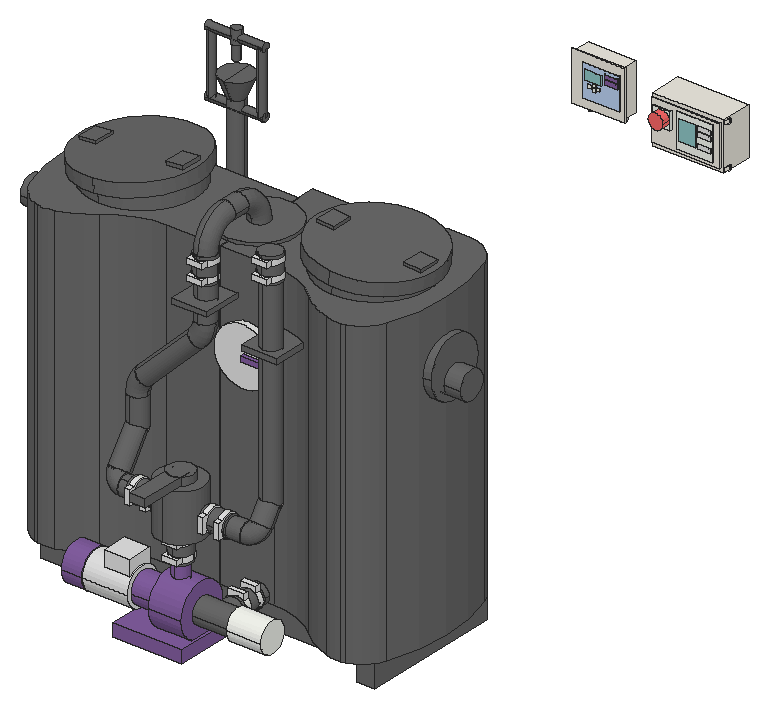
Revit family "93002.02_ms", category Generic Models, Revit 2021 (continued)
Definition of nested family "93002.02_ms_part3_X0Y0"
  Definition of nested family "93002.02_ms_part3_content"
    Forms (mm)
      Revolve 44, solid, detail levels medium+fine
        sketch origin (-305, 275, 1529.6) x (0, 0, 1) y (0, 1, 0)
          loop
            line (0, 0) -> (81, 0) -> (81, 65) -> (0, 31) -> (0, 0)
          axis (81, 0) -> (0, 0)
        angle from -360 to 0
      Extrusion 45, solid, detail levels medium+fine
        sketch origin (-440.694, 0, 1072.927) x (0, -1, 0) y (0.996195, 0, 0.087156)
          loop
            circle (0, 0) r 211
        from 0 to 281.5
      Extrusion 46, solid, detail levels medium+fine
        sketch origin (-465.2, 0, 1353.35) x (0, -1, 0) y (0.996195, 0, 0.087156)
          loop
            circle (0, 0) r 233
        from 0 to 51
      Extrusion 47, solid, detail levels medium+fine
        sketch origin (-330.3, -41, 1416.3) x (0, 1, 0) y (-0.087156, 0, 0.996195)
          loop
            line (0, 12) -> (0, 0) -> (82, 0) -> (82, 12) -> (0, 12)
        from 0 to 66
      Extrusion 48, solid, detail levels medium+fine
        sketch origin (-609.2, 41, 1391.85) x (0, -1, 0) y (-0.087156, 0, 0.996195)
          loop
            line (0, 12) -> (0, 0) -> (82, 0) -> (82, 12) -> (0, 12)
        from 0 to 66
      Extrusion 49, solid, detail levels medium+fine
        sketch origin (290, -301.5, 1345.5) x (0, 1, 0) y (-1, 0, 0)
          loop
            circle (0, 0) r 42
        from 0 to 100
      Extrusion 50, solid, detail levels medium+fine
        sketch origin (290, -301.5, 1355.5) x (0, 1, 0) y (-1, 0, 0)
          loop
            circle (0, 0) r 45
        from 0 to 20
      Extrusion 51, solid, detail levels medium+fine
        sketch origin (290, -301.5, 1415.5) x (0, 1, 0) y (-1, 0, 0)
          loop
            circle (0, 0) r 45
        from 0 to 20
      Extrusion 52, solid, detail levels medium+fine
        sketch origin (260, -332.5, 1375.5) x (0, 0, -1) y (1, 0, 0)
          loop
            line (0, 60) -> (0, 0) -> (20, 0) -> (20, 60) -> (0, 60)
        from 0 to 25
      Extrusion 53, solid, detail levels medium+fine
        sketch origin (260, -332.5, 1435.5) x (0, 0, -1) y (1, 0, 0)
          loop
            line (0, 60) -> (0, 0) -> (20, 0) -> (20, 60) -> (0, 60)
        from 0 to 25
      Extrusion 54, solid, detail levels medium+fine
        sketch origin (-303.5, -155.5, 0) x (0, 1, 0) y (0, 0, 1)
          loop
            line (0, 113) -> (0, 0) -> (389, 0) -> (389, 113) -> (0, 113)
        from 0 to 760
      Extrusion 55, solid, detail levels medium+fine
        sketch origin (-110, 215, 1148.5) x (0, 0, -1) y (1, 0, 0)
          loop
            circle (0, 0) r 31.5
        from 0 to 15.5
      Revolve 56, solid, detail levels medium+fine
        sketch origin (-110, 215, 1148.5) x (0, 0, -1) y (-1, 0, 0)
          loop
            circle (0, 0) r 31.5
          axis (60, 0) -> (60, -1)
        angle from -90 to 0
      Extrusion 57, solid, detail levels medium+fine
        sketch origin (154.75, -383, 135) x (-1, 0, 0) y (0, 0, 1)
          loop
            circle (0, 0) r 40
        from 0 to 193.5
      Extrusion 58, solid, detail levels medium+fine
        sketch origin (154.75, -214.5, 135) x (0, 0, -1) y (1, 0, 0)
          loop
            circle (0, 0) r 42
        from 0 to 100
      Extrusion 59, solid, detail levels medium+fine
        sketch origin (154.75, -224.5, 135) x (0, 0, -1) y (1, 0, 0)
          loop
            line (-56, -30) -> (-33.541, -30)
            arc (-33.541, -30) -> (45, 0) -> (-33.541, 30) r 45
            line (-33.541, 30) -> (-56, 30) -> (-56, -30)
        from 0 to 20
      Extrusion 60, solid, detail levels medium+fine
        sketch origin (154.75, -284.5, 135) x (0, 0, -1) y (1, 0, 0)
          loop
            circle (0, 0) r 45
        from 0 to 20
      Extrusion 61, solid, detail levels medium+fine
        sketch origin (184.75, -304.5, 166) x (0, 1, 0) y (-1, 0, 0)
          loop
            line (0, 60) -> (0, 0) -> (20, 0) -> (20, 60) -> (0, 60)
        from 0 to 25
      Extrusion 62, solid, detail levels medium+fine
        sketch origin (82.5, -383, 135) x (0, 1, 0) y (0, 0, 1)
          loop
            circle (0, 0) r 50
        from 0 to 144.5
      Extrusion 63, solid, detail levels medium+fine
        sketch origin (-47, -383, 135) x (0, 1, 0) y (0, 0, 1)
          loop
            circle (0, 0) r 101
        from 0 to 129.5
      Extrusion 64, solid, detail levels medium+fine
        sketch origin (0, -383, 284) x (-1, 0, 0) y (0, 1, 0)
          loop
            circle (0, 0) r 31.5
        from 0 to 149
      Extrusion 65, solid, detail levels medium+fine
        sketch origin (-152, -383, 135) x (0, 1, 0) y (0, 0, 1)
          loop
            circle (0, 0) r 60
        from 0 to 105
      Extrusion 66, solid, detail levels medium+fine
        sketch origin (97.5, -269, 0) x (0, -1, 0) y (0, 0, 1)
          loop
            line (0, 48) -> (0, 0) -> (230, 0) -> (230, 48) -> (0, 48)
        from 0 to 272
      Extrusion 67, solid, detail levels medium+fine
        sketch origin (0, -383, 284) x (0, 1, 0) y (-1, 0, 0)
          loop
            circle (0, 0) r 42
        from 0 to 100
      Extrusion 68, solid, detail levels medium+fine
        sketch origin (0, -383, 294) x (0, 1, 0) y (-1, 0, 0)
          loop
            circle (0, 0) r 45
        from 0 to 20
      Extrusion 69, solid, detail levels medium+fine
        sketch origin (0, -383, 354) x (0, 1, 0) y (-1, 0, 0)
          loop
            circle (0, 0) r 45
        from 0 to 20
      Extrusion 70, solid, detail levels medium+fine
        sketch origin (-30, -414, 314) x (0, 0, -1) y (1, 0, 0)
          loop
            line (0, 60) -> (0, 0) -> (20, 0) -> (20, 60) -> (0, 60)
        from 0 to 25
      Extrusion 71, solid, detail levels medium+fine
        sketch origin (-30, -414, 374) x (0, 0, -1) y (1, 0, 0)
          loop
            line (0, 60) -> (0, 0) -> (20, 0) -> (20, 60) -> (0, 60)
        from 0 to 25
      Extrusion 72, solid, detail levels medium+fine
        sketch origin (227, -383, 135) x (0, 1, 0) y (0, 0, 1)
          loop
            circle (0, 0) r 58.5
        from 0 to 135.5
      Extrusion 73, solid, detail levels medium+fine
        sketch origin (-333, -383, 135) x (0, 1, 0) y (0, 0, 1)
          loop
            circle (0, 0) r 73.5
        from 0 to 181
      Extrusion 74, solid, detail levels medium+fine
        sketch origin (-262, -433, 188.5) x (0, 1, 0) y (0, 0, 1)
          loop
            line (0, 60) -> (0, 0) -> (100, 0) -> (100, 60) -> (0, 60)
        from 0 to 100
      Extrusion 75, solid, detail levels medium+fine
        sketch origin (-413, -383, 135) x (0, 1, 0) y (0, 0, 1)
          loop
            circle (0, 0) r 73.5
        from 0 to 80
      Extrusion 76, solid, detail levels medium+fine
        sketch origin (-68, -340.2, 1148.3) x (0, 1, 0) y (0, 0, 1)
          loop
            line (0, 20.5) -> (0, 0) -> (184.7, 0) -> (184.7, 20.5) -> (0, 20.5)
        from 0 to 138
      Extrusion 77, solid, detail levels medium+fine
        sketch origin (0, -260, 1080.432) x (0, 1, 0) y (-1, 0, 0)
          loop
            circle (0, 0) r 37.5
        from 0 to 241.07
      Extrusion 78, solid, detail levels medium+fine
        sketch origin (0, -260, 1231.5) x (0, 1, 0) y (-1, 0, 0)
          loop
            circle (0, 0) r 45
        from 0 to 20
      Extrusion 79, solid, detail levels medium+fine
        sketch origin (0, -260, 1221.5) x (0, 1, 0) y (-1, 0, 0)
          loop
            circle (0, 0) r 42
        from 0 to 100
      Extrusion 80, solid, detail levels medium+fine
        sketch origin (0, -260, 1291.5) x (0, 1, 0) y (-1, 0, 0)
          loop
            circle (0, 0) r 45
        from 0 to 20
      Extrusion 81, solid, detail levels medium+fine
        sketch origin (-30, -291, 1251.5) x (0, 0, -1) y (1, 0, 0)
          loop
            line (0, 60) -> (0, 0) -> (20, 0) -> (20, 60) -> (0, 60)
        from 0 to 25
      Extrusion 82, solid, detail levels medium+fine
        sketch origin (-30, -291, 1311.5) x (0, 0, -1) y (1, 0, 0)
          loop
            line (0, 60) -> (0, 0) -> (20, 0) -> (20, 60) -> (0, 60)
        from 0 to 25
      Revolve 83, solid, detail levels medium+fine
        sketch origin (0, -260, 1321.5) x (0, 1, 0) y (-1, 0, 0)
          loop
            circle (0, 0) r 37.5
          axis (100, 0) -> (100, -1)
        angle from -90 to 0
      Extrusion 84, solid, detail levels medium+fine
        sketch origin (0, 0, 1310) x (0, 1, 0) y (-1, 0, 0)
          loop
            circle (0, 0) r 148.5
        from 0 to 11.5
      Revolve 85, solid, detail levels medium+fine
        sketch origin (0, 5.5, 1321.5) x (0, -1, 0) y (1, 0, 0)
          loop
            circle (0, 0) r 37.5
          axis (100, 0) -> (100, -1)
        angle from -90 to 0
      Extrusion 86, solid, detail levels medium+fine
        sketch origin (592, -250.5, 0) x (0, 1, 0) y (0, 0, 1)
          loop
            line (0, 113) -> (0, 0) -> (553.5, 0) -> (553.5, 113) -> (0, 113)
        from 0 to 70.5
      Extrusion 87, solid, detail levels medium+fine
        sketch origin (0, -160, 1421.5) x (-1, 0, 0) y (0, 0, 1)
          loop
            circle (0, 0) r 37.5
        from 0 to 65.5
      Extrusion 88, solid, detail levels medium+fine
        sketch origin (-746.1, 0, 1113) x (0, -1, 0) y (0, 0, 1)
          loop
            circle (0, 0) r 55
        from 0 to 151.5
      Extrusion 89, solid, detail levels medium+fine
        sketch origin (-738, 0, 1070) x (0, -1, 0) y (0, 0, 1)
          loop
            circle (0, 0) r 114
        from 0 to 38
      Extrusion 90, solid, detail levels medium+fine
        sketch origin (738, 0, 1070) x (0, 1, 0) y (0, 0, 1)
          loop
            circle (0, 0) r 114
        from 0 to 38
      Extrusion 91, solid, detail levels medium+fine
        sketch origin (746, 0, 1030) x (0, 1, 0) y (0, 0, 1)
          loop
            circle (0, 0) r 55
        from 0 to 98
      Extrusion 92, solid, detail levels coarse
        sketch origin (-26.8, -129.5, 0) x (1, 0, 0) y (0, 1, 0)
          loop
            line (-870.8, -469.5) -> (870.8, -469.5) -> (870.8, 469.5) -> (-870.8, 469.5) -> (-870.8, -469.5)
        from 0 to 1772.9
    Dimensions and locks
      aligned and locked: level to plane 2
